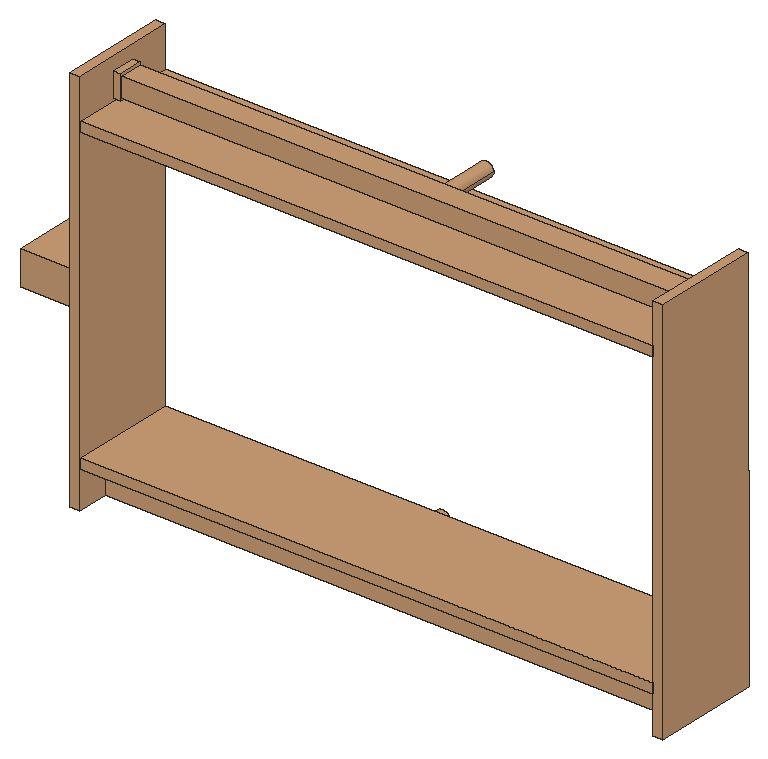
Revit family
Parameters
  Center Of Unit = 0' - 0"  # constant formula
  Water Pressure Drop [instance] = 0.00 psi
  Water Flow [instance] = 0 GPM
  Unit Weight (lbs) = 1134
  URL = "http://www.ljwing.com/"
  Water Outlet Radius = 0' - 1 1/2"
  Water Outlet Odd sizes = 0' - 5 23/64"
  Total Heating Capacity [instance] = 0.0 Btu/h
  Temperature Rise [instance] = 0 °F
  Series = "VIFB"
  Outlet Area = 49.10 SF
  Number of Rows = 1  # constant formula
  Number of Coils [instance] = 0
  Nominal Length = 10' - 1 29/32"
  Model = "VD-11"
  Manufacturer = "LJ Wing"
  Leaving Water Temperature [instance] = 0 °F
  Leaving Air Temperature [instance] = 0 °F
  Face Velocity (FPM) [instance] = 0
  Entering Water Temperature [instance] = 0 °F
  Entering Air Temperature [instance] = 0 °F
  Description = "Vertical Integral Face & Bypass Water Heating Coils"
  Hot Water Odd Sizes = 0' - 5 23/64"
  Hot Water Inlet Offset = 0' - 4 3/8"  # constant formula
  Hot Water Inlet  Radius = 0' - 1 1/2"
  Coil Face Area = Outlet Area * 0.56  # 27.496 SF
  Casing Material = ""
  Assembly Code = "D3020300"
  Air Pressure Drop [instance] = 0.00 in-wg
  Air Inlet Width = Nominal Length - 0' 4"  # 9' - 9 29/32"
  Air Inlet Height = Y  # 5' - 0"
  Air Flow [instance] = 0 CFM
  Z = 0' - 2 1/8"
  Y = 5' - 0"
  S = 0' - 9 3/4"
  Product URL = "http://www.ljwing.com/html/vifb.asp"
  OmniClass = "23-75 70 21 14"
  Nominal Height = 6' - 8"
  Nominal Depth = 1' - 10"
  R = 0' - 10 1/4"
  Q = 0' - 3 61/64"
  P = 0' - 5 1/8"
  L = 0' - 5 15/16"
Reference planes (in)
  plane 1 "Center (Front/Back)": y = 0
  plane 2: z = -30
  plane 3 "Center (Left/Right)": x = 0
  plane 4: z = 40.25
  plane 5: x = -60.95312
  plane 6: x = 60.95313
  plane 7: z = -39.75
  plane 8: z = 0
  plane 9: y = -11
  plane 10: y = 11
  plane 11: z = 30
  plane 12: z = 32
  plane 13: z = -32
  plane 14: x = 58.95313
  plane 15: x = -58.95313
  plane 16: z = 35.125
  plane 17: z = -33.8125
  plane 18: x = -57
  plane 19: x = 57
  plane 20: y = 13.125
  plane 21: y = 15.375
  plane 22: x = -71.95313
  plane 23: x = 5.35938
  plane 24: x = -5.35937
  plane 25: z = 37.125
  plane 26: z = 33.125
  plane 27: y = -2.5
  plane 28: y = 2.5
  plane 29: y = -4.5
Forms (in)
  Extrusion 1, solid, material "Painted Finish"
    sketch origin (0, 6, -9.75) x (1, 0, 0) y (0, 0, 1)
      loop
        line (-60.95312, -30) -> (-58.95313, -30) -> (-58.95313, 50) -> (-60.95312, 50) -> (-60.95312, -30)
      loop
        line (60.95313, -30) -> (60.95313, 50) -> (58.95313, 50) -> (58.95313, -30) -> (60.95313, -30)
    from -5 to 17
  Extrusion 2, solid, material "Painted Finish"
    sketch origin (0, 6, 0) x (1, 0, 0) y (0, 0, 1)
      loop
        line (58.95313, -30) -> (-58.95313, -30) -> (-58.95313, -32) -> (58.95313, -32) -> (58.95313, -30)
      loop
        line (58.95313, 30) -> (58.95313, 32) -> (-58.95313, 32) -> (-58.95313, 30) -> (58.95313, 30)
    from -5 to 17
  Extrusion 3, solid, material "Painted Finish"
    sketch origin (0, 10, -0.5) x (1, 0, 0) y (0, 0, 1)
      loop
        line (-60.95312, 4) -> (-71.95313, 4) -> (-71.95313, -3) -> (-60.95312, -3) -> (-60.95312, 4)
    from 0 to 20
  Extrusion 4, solid, material "Painted Finish"
    sketch origin (0, 6, 0) x (1, 0, 0) y (0, 0, 1)
      loop
        line (-57.32813, 37.125) -> (-57.32813, 33.125) -> (57.32813, 33.125) -> (57.32813, 37.125) -> (-57.32813, 37.125)
    from 3.5 to 8.5
  Extrusion 5, solid, material "Painted Finish"
    sketch origin (0, 0, 0) x (1, 0, 0) y (0, 0, 1)
      loop
        line (-57.32813, 32.625) -> (-57.32813, 37.625) -> (-58.95313, 37.625) -> (-58.95313, 32.625) -> (-57.32813, 32.625)
      loop
        line (58.95313, 32.625) -> (58.95313, 37.625) -> (57.32813, 37.625) -> (57.32813, 32.625) -> (58.95313, 32.625)
    from -2.5 to 2.5
  Extrusion 6, solid, material "Painted Finish"
    sketch origin (0, 23, 0) x (1, 0, 0) y (0, 0, 1)
      loop
        circle (5.35938, 35.125) r 1.5
    from 9.875 to 20.5
  Extrusion 7, solid, material "Painted Finish"
    sketch origin (0, 6, 0) x (1, 0, 0) y (0, 0, 1)
      loop
        line (-58.95313, -32) -> (-58.95313, -39.75) -> (58.95313, -39.75) -> (58.95313, -32) -> (-58.95313, -32)
    from -5 to 10.5
  Extrusion 8, solid, material "Painted Finish"
    sketch origin (0, 23, 0) x (1, 0, 0) y (0, 0, 1)
      loop
        circle (-5.35937, -33.8125) r 1.5
    from 7.625 to 12
  Extrusion 9, void
    sketch origin (0, 0, 0) x (1, 0, 0) y (0, 0, 1)
      loop
        line (-58.95313, 30) -> (-58.95313, -30) -> (58.95313, -30) -> (58.95313, 30) -> (-58.95313, 30)
    from -11 to 11
Cuts and joins
  Extrusion 9 cuts Extrusion 1
  Extrusion 9 cuts Extrusion 2
Dimensions and locks (in)
  "Nominal Length": plane 6 to plane 5
  equal spacing: plane 6, plane 3 "Center (Left/Right)", plane 5
  "S": plane 2 to plane 7
  "Nominal Depth": plane 10 to plane 9
  equal spacing: plane 10, plane 1 "Center (Front/Back)", plane 9
  "Y": plane 11 to plane 2
  "R": plane 4 to plane 11
  locked: plane 12 to plane 11 at 2
  locked: plane 2 to plane 13 at 2
  "P": plane 4 to plane 16
  "L": plane 17 to plane 7
  "Q": plane 18 to plane 5
  "Q": plane 6 to plane 19
  "Z": plane 20 to plane 10
  "Hot Water Inlet Offset": plane 21 to plane 10
  locked: plane 5 to plane 22 at 11
  locked: Extrusion 3 sketch curve to Extrusion 3 sketch curve at 7
  locked: Extrusion 3 to Extrusion 3 at 20
  locked: plane 6 to plane 14 at 2
  locked: plane 15 to plane 5 at 2
  "Water Outlet Odd sizes": plane 23 to plane 3 "Center (Left/Right)"
  "Hot Water Odd Sizes": plane 3 "Center (Left/Right)" to plane 24
  equal spacing: plane 25, plane 16, plane 26
  locked: Extrusion 5 sketch curve to plane 25 at 0.5
  locked: plane 26 to Extrusion 5 sketch curve at 0.5
  locked: Extrusion 6 sketch curve to plane 16 at 0
  locked: Extrusion 6 sketch curve to plane 23 at 0
  locked: Extrusion 8 sketch curve to plane 17 at 0
  locked: Extrusion 8 sketch curve to plane 24 at 0
  locked: plane 25 to plane 26 at 4
  locked: plane 28 to plane 27 at 5
  equal spacing: plane 28, plane 1 "Center (Front/Back)", plane 27
  locked: plane 27 to plane 29 at 2
  plane 4 to plane 7 = 6' - 8"
  locked: Extrusion 5 sketch curve to Extrusion 1 at 1.625
  locked: Extrusion 5 sketch curve to Extrusion 5 sketch curve at 1.625
  locked: Extrusion 9 sketch curve to plane 11 at 0
  locked: Extrusion 9 sketch curve to plane 15 at 0
  locked: Extrusion 9 sketch curve to plane 14 at 0
  locked: Extrusion 9 sketch curve to plane 2 at 0
  equal spacing: plane 11, plane 8, plane 2
  "Water Outlet Radius": radius of Extrusion 6 sketch curve
  "Hot Water Inlet  Radius": radius of Extrusion 8 sketch curve
  aligned and locked: Extrusion 1 to plane 9
  aligned and locked: Extrusion 1 to plane 10
  aligned and locked: Extrusion 1 to plane 15
  aligned and locked: Extrusion 1 to plane 14
  aligned and locked: Extrusion 2 to plane 9
  aligned and locked: plane 9 to Extrusion 1
  aligned and locked: plane 10 to Extrusion 1  (x2)
  aligned and locked: Extrusion 2 to plane 10
  aligned and locked: plane 10 to Extrusion 2  (x2)
  aligned and locked: plane 9 to Extrusion 2  (x2)
  aligned and locked: plane 5 to Extrusion 3
  aligned and locked: Extrusion 5 sketch curve to plane 15
  aligned and locked: Extrusion 5 sketch curve to Extrusion 4
  aligned and locked: Extrusion 6 to plane 20
  aligned and locked: Extrusion 1 to Extrusion 7
  aligned and locked: Extrusion 8 to plane 10
  aligned and locked: plane 21 to Extrusion 8
  aligned and locked: plane 27 to Extrusion 5
  aligned and locked: Extrusion 5 to Extrusion 4  (x2)
  aligned and locked: Extrusion 5 to plane 28
  aligned and locked: Extrusion 6 to Extrusion 4
  aligned and locked: Extrusion 7 to plane 29  (x2)
  aligned and locked: Extrusion 8 to Extrusion 7
  aligned and locked: Extrusion 4 to Extrusion 5  (x2)
  aligned and locked: Extrusion 5 to Extrusion 1  (x2)
  aligned and locked: plane 2 to Extrusion 2
  aligned and locked: Extrusion 1 sketch curve to plane 6
  aligned and locked: Extrusion 1 sketch curve to plane 14
  aligned and locked: Extrusion 1 sketch curve to plane 15
  aligned and locked: Extrusion 1 sketch curve to plane 5
  aligned and locked: plane 7 to Extrusion 1 sketch curve
  aligned and locked: Extrusion 1 sketch curve to plane 7
  aligned and locked: Extrusion 1 sketch curve to plane 4  (x2)
  aligned and locked: Extrusion 2 sketch curve to plane 11
  aligned and locked: Extrusion 2 sketch curve to plane 12
  aligned and locked: Extrusion 2 sketch curve to plane 14  (x2)
  aligned and locked: Extrusion 2 sketch curve to plane 15  (x2)
  aligned and locked: Extrusion 2 sketch curve to plane 13
  aligned and locked: plane 2 to Extrusion 2 sketch curve
  aligned and locked: plane 13 to Extrusion 7 sketch curve
  aligned and locked: Extrusion 7 sketch curve to plane 7
  aligned and locked: Extrusion 7 sketch curve to plane 14
  aligned and locked: Extrusion 7 sketch curve to plane 15
  aligned and locked: cut or joined group of Extrusion 1, Extrusion 9 to plane 10
  aligned and locked: Extrusion 8 to plane 21
Automatic sketch dimensions
  Extrusion 3 sketch curve to plane 22 = 0' - 0"
  Extrusion 3 sketch curve to plane 5 = 0' - 0"
  plane 8 to Extrusion 3 sketch curve = 0' - 3 1/2"
  Extrusion 4 sketch curve to plane 25 = 0' - 0"
  Extrusion 4 sketch curve to plane 26 = 0' - 0"
  Extrusion 4 sketch curve to plane 18 = 0' - 0 21/64"
  plane 19 to Extrusion 4 sketch curve = 0' - 0 21/64"
  plane 26 to Extrusion 5 sketch curve = 0' - 0 1/2"
  Extrusion 5 sketch curve to plane 25 = 0' - 0 1/2"
Connectors (in)
  hvac at (0, -11, 0), driven by "Air Inlet Height", driven by "Air Inlet Width", driven by "Air Flow", driven by "Air Pressure Drop"
    settings: on Extrusion 9, index 1
  hvac at (0, 11, 0), driven by "Air Pressure Drop", driven by "Air Inlet Height", driven by "Air Inlet Width", driven by "Air Flow"
    settings: on Extrusion 9, index 2
  piping at (5.35938, 13.125, 35.125), driven by "Water Flow", driven by "Water Outlet Radius", driven by "Water Pressure Drop"
    settings: on Extrusion 6, index 3
  piping at (-5.35937, 15.375, -33.8125), driven by "Water Flow", driven by "Water Pressure Drop", driven by "Hot Water Inlet  Radius"
    settings: on Extrusion 8, index 4
